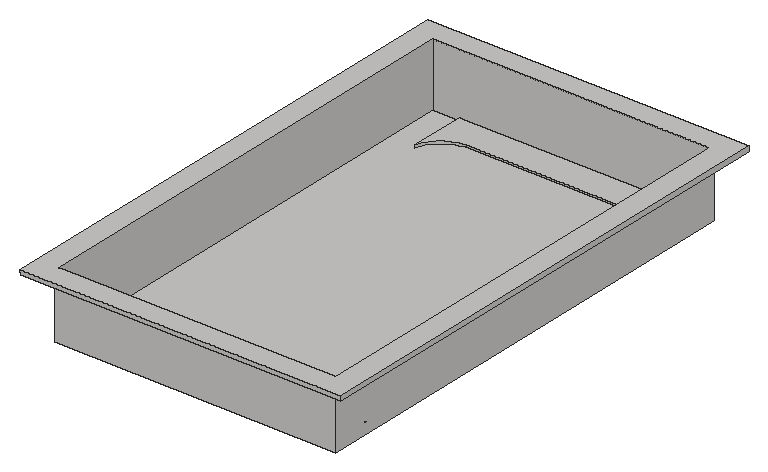
Revit family "Hand_Dryer-Excel-Dryer-Recess_Mounting_Kit", category Specialty Equipment, host Face, Revit 2015
Parameters (values of type "Recess Kit")
  Youtube clip = ""
  Weight Net (Kg) = "0"
  Uniformat II Description = ""
  Uniformat II Code = ""
  Uniclass 2015 Name = ""
  Uniclass 2015 Code = ""
  Uniclass 2.0 Description = ""
  Uniclass 2.0 Code = ""
  Uniclass 1.4 Description = ""
  Uniclass 1.4 Code = ""
  UNSPSC Code = ""
  Technical description = ""
  Region South America = "All"
  Region Oceania = "All"
  Region North America = "All"
  Region Middle East = "All"
  Region Europe = "All"
  Region Asia = "All"
  Region Antarctica = "All"
  Region Africa = "All"
  QR code = "http://bimobject.com/excel-dryer-us/product/excel_xlerator_ADA_compliance_recess_kit"
  Product url = "http://www.exceldryer.com/products_xlerator.php#xlerator_accessories"
  Product group = "Hand dryer"
  Product family = "Equipment"
  Product data url = "https://bimobject.com/excel-dryer-us/product/excel_xlerator_ADA_compliance_recess_kit"
  Product certification = ""
  Product SKU = "excel_xlerator_ADA_compliance_recess_kit"
  Product Guid = "0cda2fda-f62e-4f02-ad92-43a2561d0f9c"
  OmniClass Description = ""
  OmniClass Code = ""
  Nominal width = 0' - 0"
  Nominal height = 0' - 0"
  NBS Reference Description = ""
  NBS Reference Code = ""
  Mounting Note [instance] = "For correct placement, match Elevation to Mounting Height."  # constant formula
  Width = 1' - 2 3/8"  # constant formula
  URL = "http://www.exceldryer.com/index.php"
  Teenagers Washroom Mounting Height [instance] = yes
  Product Page URL = "http://www.exceldryer.com/products_xlerator.php#xlerator_accessories"
  Product Documentation Link = "http://www.exceldryer.com/pdfs/2014/Excel2014XChangerSell.pdf"
  Mounting Height [instance] = if(Teenagers Washroom Mounting Height, 3' 5", if(Men's Washroom Mounting Height, 3' 9", if(Ladies Washroom Mounting Height, 3' 7", if(Handicapped Washroom Mounting Height, 3' 1", if(Children's Washroom Mounting Height, 2' 11", 3' 5")))))  # 3' - 5"
  Model = "#40502 Recess Kit"  # constant formula
  Men's Washroom Mounting Height [instance] = no
  Material secondary = ""
  Material main = "Zink"
  Material = ""
  Masterformat 2014 Description = ""
  Masterformat 2014 Code = ""
  Manufacturer name = "Excel Dryer US"
  Manufacturer country = "United States"
  Manufacturer = "Excel Dryer"  # constant formula
  Ladies Washroom Mounting Height [instance] = no
  Installation instructions = ""
  IFC Classification = ""
  Height = 2' - 0 1/8"  # constant formula
  Handicapped Washroom Mounting Height [instance] = no
  Frame Width = 1' - 4 3/8"  # constant formula
  Frame Height = 2' - 2"  # constant formula
  Edition number = 1
  EAN code = ""
  Design country = "United States"
  Description = "ADA Compliant Recess Kit"  # constant formula
  Depth = 0' - 3 3/8"  # constant formula
  Default Elevation = 2' - 11 1/2"
  Date of publishing = "3/6/2017"
  Children's Washroom Mounting Height [instance] = no
  COBIe Type Category = ""
  Brand url = ""
  Body = Metal -  ExcelDryer -Stainless Stainless - #4 Satin Finish
  BIMobject category = "Dryers (Hand & Hair)"
Reference planes (in)
  plane 1 "Center (Front/Back)": y = 0
  plane 2: z = 0
  plane 3 "Center (Left/Right)": x = 0
  plane 4 "Left": x = -7.1875
  plane 5 "Right": x = 7.1875
  plane 6 "Top": y = 12.0625
  plane 7 "Bottom": y = -12.0625
  plane 8 "Front": z = 0.25
  plane 9 "Back": z = -3.125
  plane 10: x = -7.0625
  plane 11: x = 7.0625
  plane 12: y = -11.9375
  plane 13: y = 11.9375
  plane 14: x = -8.1875
  plane 15: x = 8.1875
  plane 16: y = -13
  plane 17: y = 13
  plane 18 "Bottom of Dryer": y = -2.0625
Forms (in)
  Extrusion 1, solid, material "Metal -  ExcelDryer -Stainless Stainless - #4 Satin Finish" <- "Body"
    sketch origin (17.66692, -0.125, -0.25) x (0, 1, 0) y (0, 0, 1)
      loop
        line (12.0625, -2.875) -> (12.0625, -2.75) -> (-9.13145, -2.75)
        arc (-9.13145, -2.75) -> (-10.9317, -1.50424) -> (-11.8125, 0.5) r 4.02106
        line (-11.8125, 0.5) -> (-11.8125, -2.875) -> (12.0625, -2.875)
    from -24.72942 to -10.60442
  Extrusion 2, solid, material "Metal -  ExcelDryer -Stainless Stainless - #4 Satin Finish" <- "Body"
    sketch origin (-0.01837, -0.10244, -3.25) x (1, 0, 0) y (0, 1, 0)
      loop
        arc (-5.67477, 9.19544) -> (-5.12107, 10.10232) -> (-4.13001, 10.48549) r 1.65468
        line (-4.13001, 10.48549) -> (4.05797, 10.48549)
        arc (4.05797, 10.48549) -> (5.09147, 10.1722) -> (5.71151, 9.28799) r 1.65452
        line (5.71151, 9.28799) -> (5.71151, 12.03994) -> (-5.67477, 12.03994) -> (-5.67477, 9.19544)
    from 0.25 to 0.375
  Extrusion 3, void
    sketch origin (0, 0, 0) x (1, 0, 0) y (0, 1, 0)
      loop
        line (-7.1875, 12.0625) -> (-7.1875, -12.0625) -> (7.1875, -12.0625) -> (7.1875, 12.0625) -> (-7.1875, 12.0625)
    from -3.125 to 0
  Extrusion 4, solid, material "Metal -  ExcelDryer -Stainless Stainless - #4 Satin Finish" <- "Body"
    sketch origin (0, 0, 0) x (1, 0, 0) y (0, 1, 0)
      loop
        line (-7.1875, 12.0625) -> (-7.1875, -12.0625) -> (7.1875, -12.0625) -> (7.1875, 12.0625) -> (-7.1875, 12.0625)
      loop
        line (-7.0625, 11.9375) -> (-7.0625, -11.9375) -> (7.0625, -11.9375) -> (7.0625, 11.9375) -> (-7.0625, 11.9375)
    from -3.125 to 0
  Extrusion 5, solid, material "Metal -  ExcelDryer -Stainless Stainless - #4 Satin Finish" <- "Body"
    sketch origin (0, 0, 0) x (1, 0, 0) y (0, 1, 0)
      loop
        line (-8.1875, 13) -> (-8.1875, -13) -> (8.1875, -13) -> (8.1875, 13) -> (-8.1875, 13)
      loop
        line (-7.0625, 11.9375) -> (-7.0625, -11.9375) -> (7.0625, -11.9375) -> (7.0625, 11.9375) -> (-7.0625, 11.9375)
    from 0 to 0.25
Cuts and joins
  joined: Extrusion 1, Extrusion 2, Extrusion 4, Extrusion 5
Lines and regions (in)
  Masking region 1
    outline origin (0, 0, 0) x (1, 0, 0) y (0, 0, 1)
      loop
        line (-8.1875, 0.25) -> (-8.1875, 0) -> (8.1875, 0) -> (8.1875, 0.25) -> (-8.1875, 0.25)
  Masking region 2
    outline origin (0, 0, 0) x (1, 0, 0) y (0, 0, 1)
      loop
        line (-7.1875, 0) -> (-7.1875, -3.125) -> (7.1875, -3.125) -> (7.1875, 0) -> (-7.1875, 0)
Dimensions and locks (in)
  equal spacing: plane 4 "Left", plane 3 "Center (Left/Right)", plane 5 "Right"
  "Width": plane 4 "Left" to plane 5 "Right"
  equal spacing: plane 7 "Bottom", plane 1 "Center (Front/Back)", plane 6 "Top"
  "Height": plane 7 "Bottom" to plane 6 "Top"
  "Depth": plane 8 "Front" to plane 9 "Back"
  locked: plane 8 "Front" to plane 2 at 0.25
  locked: plane 6 "Top" to plane 13 at 0.125
  locked: plane 7 "Bottom" to plane 12 at 0.125
  locked: plane 4 "Left" to plane 10 at 0.125
  locked: plane 11 to plane 5 "Right" at 0.125
  Extrusion 1 sketch curve to Extrusion 1 sketch curve to plane 9 "Back" = 0' - 3.80458" locked, 0' - 0 1/8" locked
  locked: Extrusion 1 sketch curve to plane 12 at 3.98263
  equal spacing: plane 17, plane 1 "Center (Front/Back)", plane 16
  equal spacing: plane 14, plane 3 "Center (Left/Right)", plane 15
  "Frame Width": plane 14 to plane 15
  "Frame Height": plane 17 to plane 16
  Extrusion 2 sketch curve to Extrusion 2 sketch curve to plane 3 "Center (Left/Right)" to Extrusion 2 sketch curve to Extrusion 2 sketch curve = 0' - 1.61434" locked, 0' - 4.0788" locked, 0' - 4.10265" locked, 0' - 1.59049" locked
  plane 13 to Extrusion 2 sketch curve to Extrusion 2 sketch curve to Extrusion 2 sketch curve = 0' - 1.55445" locked, 0' - 1.65322" locked, 0' - 0.0001" locked
  Extrusion 2 to Extrusion 2 to plane 9 "Back" = 0' - 0 1/8" locked, 0' - 0 1/8" locked
  locked: plane 7 "Bottom" to plane 18 "Bottom of Dryer" at 10
  aligned and locked: plane 2 to host face
  aligned and locked: level to host face
  aligned and locked: Extrusion 3 sketch curve to plane 6 "Top"
  aligned and locked: plane 4 "Left" to Extrusion 3 sketch curve
  aligned and locked: Extrusion 3 sketch curve to plane 7 "Bottom"
  aligned and locked: plane 5 "Right" to Extrusion 3 sketch curve
  aligned and locked: Extrusion 3 to plane 9 "Back"
  aligned and locked: plane 2 to Extrusion 3
  aligned and locked: Extrusion 4 sketch curve to plane 6 "Top"
  aligned and locked: plane 4 "Left" to Extrusion 4 sketch curve
  aligned and locked: Extrusion 4 sketch curve to plane 7 "Bottom"
  aligned and locked: plane 5 "Right" to Extrusion 4 sketch curve
  aligned and locked: Extrusion 4 to plane 9 "Back"
  aligned and locked: plane 2 to Extrusion 4
  aligned and locked: Extrusion 1 sketch curve to plane 9 "Back"
  aligned and locked: Extrusion 4 sketch curve to plane 13
  aligned and locked: Extrusion 4 sketch curve to plane 11
  aligned and locked: plane 12 to Extrusion 4 sketch curve
  aligned and locked: plane 10 to Extrusion 4 sketch curve
  aligned and locked: plane 13 to Extrusion 1 sketch curve
  aligned and locked: Extrusion 1 sketch curve to plane 12
  aligned and locked: Extrusion 1 to plane 10
  aligned and locked: plane 11 to Extrusion 1
  aligned and locked: Extrusion 5 sketch curve to plane 15
  aligned and locked: plane 16 to Extrusion 5 sketch curve
  aligned and locked: plane 14 to Extrusion 5 sketch curve
  aligned and locked: Extrusion 5 sketch curve to plane 17
  aligned and locked: Extrusion 5 sketch curve to plane 13
  aligned and locked: plane 10 to Extrusion 5 sketch curve
  aligned and locked: Extrusion 5 sketch curve to plane 11
  aligned and locked: plane 12 to Extrusion 5 sketch curve
  aligned and locked: plane 8 "Front" to Extrusion 5
  aligned and locked: plane 13 to Extrusion 2 sketch curve
  aligned and locked: Masking region 1 sketch curve to cut or joined group of Extrusion 1, Extrusion 2, Extrusion 4, Extrusion 5  (x4)
  aligned and locked: cut or joined group of Extrusion 1, Extrusion 2, Extrusion 4, Extrusion 5 to Masking region 2 sketch curve
  aligned and locked: Masking region 2 sketch curve to cut or joined group of Extrusion 1, Extrusion 2, Extrusion 4, Extrusion 5  (x3)
Automatic sketch dimensions
  host sketch curve to host sketch curve = 8' - 0"  (x2)
  Extrusion 2 sketch curve to Extrusion 2 sketch curve = 0' - 0.06958"
  Extrusion 2 sketch curve to Extrusion 2 sketch curve = 0' - 0.06305"
  Extrusion 1 sketch curve to plane 8 "Front" = 0' - 0"
